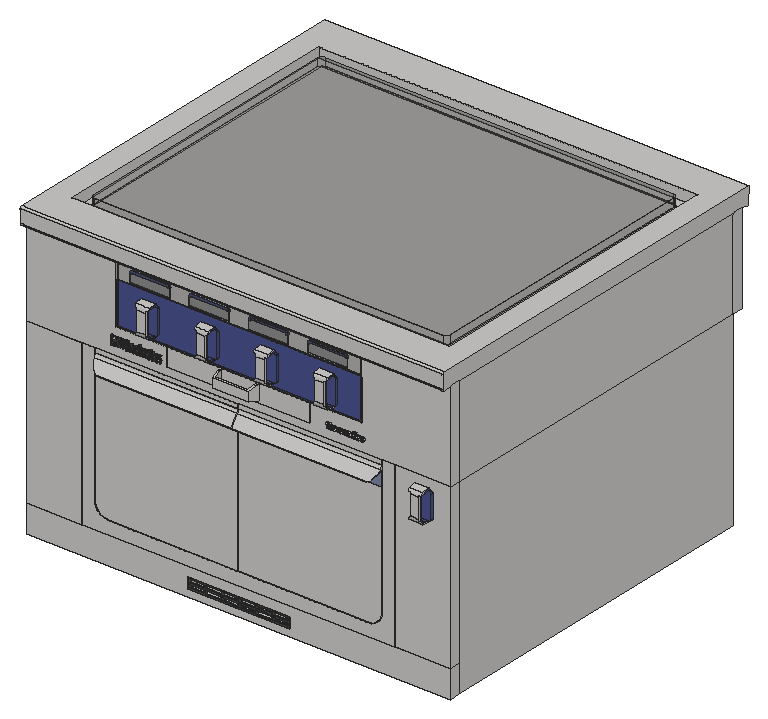
Revit family "QF_ELECTROLUXPROFESSIONAL_589698_MCLQEAJ4AO", category Attrezzature speciali, Revit 2020
Family settings
  Quota connettore circolare = Usa diametro
  Tipo di parte = Normale
  Basato su piano di lavoro = No
  Sempre verticale = Sì
  Taglio con vuoti quando caricato = No
  Condiviso = No
  Punto di calcolo locali = No
Parameters (values of type "Standard")
  Weight = 193.00 kg
  Watts = 18300 W
  Volts = 400 V
  URL Manufacturer = "https://www.electroluxprofessional.com/"
  URL = "https://www.electroluxprofessional.com/"
  Steam Supply Size = 0"
  Steam Supply Minimum Pressure = 0.00 psi
  Steam Supply Maximum Pressure = 0.00 psi
  Steam Consumption per Hour = 0
  Refrigeration Suction Line Size = 0 mm
  Refrigeration Liquid Line Size = 0 mm
  Refrigerant Compressor Remote = yes
  Prospetto di default = 0 mm
  Phase = 3
  Modello = "MCLQEAJ4AO"
  Produttore = "Electrolux Professional"
  Length Actual = 1000 mm  # constant formula
  Item Number = "589698"
  Hot Water Size = 0"
  Height Actual = 700 mm  # constant formula
  HP = "24.5 HP"
  Gas Size = 0"
  Gas KW = 0
  Gas Input Pressure = 0.0 Btu/h
  Direct Waste Size = 0"
  Descrizione = "EL.SOLID T,ECO,WARM.CAB.1S,1000X900X700H"
  Depth Actual = 900 mm  # constant formula
  Cycle = 50 Hz
  Condensate Return Size = 0"
  Compressed Air Volume = 0 GPM
  Compressed Air Size = 0"
  Compressed Air Pressure = 0.00 psi
  Cold Water Size = 0"
  Accessory = yes
Reference planes
  plane 1 "BACK": y = 0
  plane 2: z = 0
  plane 3 "LEFT": x = -100
  plane 4 "RIGHT": x = 900
  plane 5 "FRONT": y = -900
  plane 6 "TOP": z = 900
  plane 7 "Center (Left/Right)": x = 400
  plane 8: y = -450
  plane 9: z = 200
  plane 10: y = -150
  plane 11 "Panel": y = -855
  plane 12: z = 798
  plane 13: z = 1327
  plane 14: x = -22
  plane 15: x = 822
  plane 16: y = -150
  plane 17: y = -650
  plane 18 "EIx": x = 855
  plane 19 "EIy": y = -685
  plane 20: y = -880
Forms (mm)
  Extrusion 1, solid, material "QF_Finishes_Stainless Steel"
    sketch origin (-178.969, -4572, 200) x (-1, 0, 0) y (0, -1, 0)
      loop
        line (-78.969, -4527) -> (-78.969, -3717) -> (-1078.969, -3717) -> (-1078.969, -4527) -> (-78.969, -4527)
    from 450 to 663
  Extrusion 2, solid, material "QF_Finishes_Stainless Steel"
    sketch origin (-100, 0, 0) x (0, 1, 0) y (0, 0, 1)
      loop
        line (-855, 200) -> (-855, 265) -> (-880, 265) -> (-880, 200) -> (-855, 200)
    from 0 to 1000
  Extrusion 3, solid, material "QF_Finishes_Stainless Steel"
    sketch origin (-488.969, -4662, 200) x (-1, 0, 0) y (0, -1, 0)
      loop
        circle (-1343.969, -3977) r 6.35
    from 0 to -11.851
  Extrusion 4, solid, material "QF_Finishes_Stainless Steel"
    sketch origin (400, 296.4, 1219.2) x (0, 1, 0) y (0, 0, 1)
      loop
        line (-296.4, -319.2) -> (-1191.4, -319.2)
        arc (-1191.4, -319.2) -> (-1194.935, -320.664) -> (-1196.4, -324.2) r 5
        line (-1196.4, -324.2) -> (-1196.4, -355.2)
        arc (-1196.4, -355.2) -> (-1194.971, -358.264) -> (-1191.705, -359.139) r 4
        line (-1191.705, -359.139) -> (-1176.4, -356.231) -> (-316.4, -356.231) -> (-301.094, -359.139)
        arc (-301.094, -359.139) -> (-297.829, -358.264) -> (-296.4, -355.2) r 4
        line (-296.4, -355.2) -> (-296.4, -319.2)
    from -500 to 500
  Extrusion 5, solid, material "QF_Finishes_Electrolux_Black Smoke Iluminated"
    sketch origin (0, 0, 900) x (-1, 0, 0) y (0, -1, 0)
      loop
        arc (12, 109) -> (19.071, 111.929) -> (22, 119) r 10
        line (22, 119) -> (22, 780)
        arc (22, 780) -> (19.071, 787.071) -> (12, 790) r 10
        line (12, 790) -> (-812, 790)
        arc (-812, 790) -> (-819.071, 787.071) -> (-822, 780) r 10
        line (-822, 780) -> (-822, 119)
        arc (-822, 119) -> (-819.071, 111.929) -> (-812, 109) r 10
        line (-812, 109) -> (12, 109)
    from 0 to -20
  Extrusion 6, solid, material "QF_Finishes_Stainless Steel"
    sketch origin (-178.969, -4572, 200) x (-1, 0, 0) y (0, -1, 0)
      loop
        line (-78.969, -4527) -> (-78.969, -3717) -> (-1078.969, -3717) -> (-1078.969, -4527) -> (-78.969, -4527)
    from 450 to 0
  Extrusion 7, void
    sketch origin (0, -855, 0) x (-1, 0, 0) y (0, 0, 1)
      loop
        line (-520, 216.594) -> (-280, 216.594) -> (-280, 241.594) -> (-520, 241.594) -> (-520, 216.594)
    from 0 to -25
  Extrusion 8, solid, material "QF_Finishes_Black"
    sketch origin (0, -855, 0) x (-1, 0, 0) y (0, 0, 1)
      loop
        line (-280, 241.594) -> (-520, 241.594) -> (-520, 216.594) -> (-280, 216.594) -> (-280, 241.594)
      loop
        line (-282, 239.594) -> (-319.131, 239.594) -> (-319.131, 230.094) -> (-282, 230.094) -> (-282, 239.594)
      loop
        line (-282, 218.594) -> (-282, 228.094) -> (-319.131, 228.094) -> (-319.131, 218.594) -> (-282, 218.594)
      loop
        line (-321.131, 239.594) -> (-359.066, 239.594) -> (-359.066, 230.094) -> (-321.131, 230.094) -> (-321.131, 239.594)
      loop
        line (-399, 239.594) -> (-399, 230.094) -> (-361.066, 230.094) -> (-361.066, 239.594) -> (-399, 239.594)
      loop
        line (-401, 239.594) -> (-438.934, 239.594) -> (-438.934, 230.094) -> (-401, 230.094) -> (-401, 239.594)
      loop
        line (-359.066, 218.594) -> (-321.131, 218.594) -> (-321.131, 228.094) -> (-359.066, 228.094) -> (-359.066, 218.594)
      loop
        line (-361.066, 218.594) -> (-361.066, 228.094) -> (-399, 228.094) -> (-399, 218.594) -> (-361.066, 218.594)
      loop
        line (-401, 228.094) -> (-438.934, 228.094) -> (-438.934, 218.594) -> (-401, 218.594) -> (-401, 228.094)
      loop
        line (-518, 239.594) -> (-518, 230.094) -> (-480.869, 230.094) -> (-480.869, 239.594) -> (-518, 239.594)
      loop
        line (-518, 218.594) -> (-480.869, 218.594) -> (-480.869, 228.094) -> (-518, 228.094) -> (-518, 218.594)
      loop
        line (-478.869, 239.594) -> (-478.869, 230.094) -> (-440.934, 230.094) -> (-440.934, 239.594) -> (-478.869, 239.594)
      loop
        line (-440.934, 218.594) -> (-440.934, 228.094) -> (-478.869, 228.094) -> (-478.869, 218.594) -> (-440.934, 218.594)
    from -25.03 to -20
  Extrusion 9, void
    sketch origin (0, 0, 900) x (-1, 0, 0) y (0, -1, 0)
      loop
        line (47, 815) -> (-847, 815) -> (-847, 84) -> (47, 84) -> (47, 815)
    from 0 to -25
  Extrusion 10, solid, material "QF_Finishes_Stainless Steel"
    sketch origin (0, 0, 900) x (-1, 0, 0) y (0, -1, 0)
      loop
        line (18, 113) -> (18, 786) -> (-818, 786) -> (-818, 113) -> (18, 113)
    from -20 to -25
  Extrusion 11, solid, material "QF_Finishes_Stainless Steel"
    sketch origin (400, 296.4, 1219.169) x (0, 1, 0) y (0, 0, 1)
      loop
        line (-341.4, -356.2) -> (-341.4, -569.2) -> (-316.4, -569.2) -> (-316.4, -356.2) -> (-341.4, -356.2)
    from -500 to 500
  Extrusion 12, solid, material "QF_Finishes_Stainless Steel"
    sketch origin (0, -900, 0) x (1, 0, 0) y (0, 0, 1)
      loop
        line (-100, 649.969) -> (-100, 265) -> (30, 265) -> (30, 649.969) -> (-100, 649.969)
      loop
        line (900, 650) -> (770, 650) -> (770, 265) -> (900, 265) -> (900, 650)
    from -45 to -20
  Extrusion 13, solid, material "QF_Finishes_Stainless Steel"
    sketch origin (0, -900, 0) x (1, 0, 0) y (0, 0, 1)
      loop
        line (32, 265) -> (768, 265) -> (768, 650) -> (740, 650) -> (740, 327)
        arc (740, 327) -> (730.627, 304.373) -> (708, 295) r 32
        line (708, 295) -> (92, 295)
        arc (92, 295) -> (69.373, 304.373) -> (60, 327) r 32
        line (60, 327) -> (60, 649.969) -> (32, 649.969) -> (32, 265)
    from -45 to -20
Cuts and joins
  Extrusion 7 cuts Extrusion 6
  Extrusion 7 cuts Extrusion 2
  Extrusion 9 cuts Extrusion 4
Lines and regions (mm)
  symbolic lines
    curve 1: line (-100, 0, 200) -> (900, 0, 200)
    curve 2: line (-100, -900, 200) -> (-100, 0, 200)
    curve 3: line (900, -900, 200) -> (-100, -900, 200)
    curve 4: line (900, 0, 200) -> (900, -900, 200)
    curve 5: line (812, -109, 200) -> (-12, -109, 200)
    curve 6: line (-22, -119, 200) -> (-22, -780, 200)
    curve 7: line (-12, -790, 200) -> (812, -790, 200)
    curve 8: line (822, -780, 200) -> (822, -119, 200)
    curve 9: arc (-12, -109, 200) -> (-19.071, -111.929, 200) -> (-22, -119, 200) r 10
    curve 10: arc (822, -119, 200) -> (819.071, -111.929, 200) -> (812, -109, 200) r 10
    curve 11: arc (812, -790, 200) -> (819.071, -787.071, 200) -> (822, -780, 200) r 10
    curve 12: arc (-22, -780, 200) -> (-19.071, -787.071, 200) -> (-12, -790, 200) r 10
    curve 13: line (847, -84, 900) -> (-47, -84, 900)
    curve 14: line (-47, -84, 900) -> (-47, -815, 900)
    curve 15: line (847, -815, 900) -> (847, -84, 900)
    curve 16: line (-47, -815, 900) -> (847, -815, 900)
  model lines, style "SpecialityEquipment"
    curve 17: arc (634, -211, 900) -> (580.967, -339.033, 900) -> (709, -286, 900) r 75
    curve 18: line (689, -286, 900) -> (729, -286, 900)
    curve 19: line (729, -286, 900) -> (709, -266, 900)
    curve 20: line (689, -286, 900) -> (709, -266, 900)
    curve 21: arc (166, -211, 900) -> (112.967, -339.033, 900) -> (241, -286, 900) r 75
    curve 22: line (221, -286, 900) -> (261, -286, 900)
    curve 23: line (261, -286, 900) -> (241, -266, 900)
    curve 24: line (221, -286, 900) -> (241, -266, 900)
    curve 25: arc (634, -539, 900) -> (580.967, -667.033, 900) -> (709, -614, 900) r 75
    curve 26: line (689, -614, 900) -> (729, -614, 900)
    curve 27: line (729, -614, 900) -> (709, -594, 900)
    curve 28: line (689, -614, 900) -> (709, -594, 900)
    curve 29: arc (166, -539, 900) -> (112.967, -667.033, 900) -> (241, -614, 900) r 75
    curve 30: line (221, -614, 900) -> (261, -614, 900)
    curve 31: line (261, -614, 900) -> (241, -594, 900)
    curve 32: line (221, -614, 900) -> (241, -594, 900)
Dimensions and locks
  plane 3 "LEFT" to plane 4 "RIGHT" = 1000 mm
  plane 5 "FRONT" to plane 1 "BACK" = 900 mm
  plane 3 "LEFT" to plane 7 "Center (Left/Right)" to plane 4 "RIGHT" = 500 mm, 500 mm
  equal spacing: plane 5 "FRONT", plane 8, plane 1 "BACK"
  plane 6 "TOP" to level = 900 mm  (x2)
  plane 9 to level = 200 mm
  plane 1 "BACK" to plane 10 to plane 11 "Panel" = 150 mm, 705 mm  (x2)
  plane 6 "TOP" to plane 9 to level = 700 mm, 200 mm
  plane 1 "BACK" to plane 5 "FRONT" = 900 mm
  plane 1 "BACK" to Extrusion 3 = 685 mm
  plane 12 to plane 9 = 598 mm
  plane 13 to plane 6 "TOP" = 427 mm
  plane 6 "TOP" to plane 12 = 102 mm
  plane 14 to plane 3 "LEFT" = 78 mm
  plane 15 to plane 4 "RIGHT" = 78 mm
  locked: plane 1 "BACK" to plane 16 at 150
  locked: plane 16 to plane 17 at 500
  plane 11 "Panel" to plane 5 "FRONT" = 45 mm
  plane 18 "EIx" to plane 4 "RIGHT" = 45 mm
  plane 19 "EIy" to plane 1 "BACK" = 685 mm
  locked: plane 11 "Panel" to plane 20 at 25
  aligned and locked: level to plane 2
  aligned and locked: Extrusion 2 to plane 4 "RIGHT"
  aligned and locked: cut or joined group of Extrusion 4, Extrusion 9 to plane 3 "LEFT"
  aligned and locked: cut or joined group of Extrusion 4, Extrusion 9 to plane 4 "RIGHT"
  aligned and locked: cut or joined group of Extrusion 6, Extrusion 7 to plane 4 "RIGHT"
  aligned and locked: cut or joined group of Extrusion 6, Extrusion 7 to plane 3 "LEFT"
  aligned and locked: nested 2 to plane 11 "Panel"
  aligned and locked: Extrusion 1 to plane 11 "Panel"
  aligned and locked: plane 11 "Panel" to cut or joined group of Extrusion 2, Extrusion 7
  aligned and locked: nested 1 to plane 20
  aligned and locked: Extrusion 11 to plane 4 "RIGHT"
  aligned and locked: Extrusion 1 to plane 3 "LEFT"
  aligned and locked: Extrusion 11 to plane 3 "LEFT"
  aligned and locked: Extrusion 1 to plane 4 "RIGHT"
  aligned and locked: plane 7 "Center (Left/Right)" to nested 3
  aligned and locked: cut or joined group of Extrusion 6, Extrusion 7 to nested 3
  aligned and locked: Extrusion 12 to nested 2
  aligned and locked: plane 20 to Extrusion 12
  aligned and locked: plane 11 "Panel" to Extrusion 13
  aligned and locked: plane 20 to Extrusion 13
Automatic sketch dimensions
  Extrusion 1 sketch curve to plane 4 "RIGHT" = 0 mm
  Extrusion 1 sketch curve to plane 3 "LEFT" = 0 mm
  Extrusion 1 sketch curve to plane 11 "Panel" = 0 mm
  plane 1 "BACK" to Extrusion 1 sketch curve = 45 mm
  Extrusion 2 sketch curve to plane 9 = 0 mm
  Extrusion 2 sketch curve to plane 20 = 0 mm
  Extrusion 2 sketch curve to plane 11 "Panel" = 0 mm
  plane 9 to Extrusion 2 sketch curve = 65 mm
  plane 1 "BACK" to curve 1 = 0 mm
  curve 1 to plane 4 "RIGHT" = 0 mm
  curve 8 to plane 15 = 0 mm
  curve 6 to plane 14 = 0 mm
  curve 2 to plane 3 "LEFT" = 0 mm
  plane 5 "FRONT" to curve 3 = 0 mm
  plane 15 to curve 5 = 10 mm
  plane 15 to curve 11 = 10 mm
  curve 5 to plane 14 = 10 mm
  curve 12 to curve 12 = 10 mm
  plane 10 to curve 5 = 41 mm
  plane 11 "Panel" to curve 11 = 75 mm
  Extrusion 3 sketch curve to plane 18 "EIx" = 0 mm
  Extrusion 3 sketch curve to plane 19 "EIy" = 0 mm
  Extrusion 4 sketch curve to plane 5 "FRONT" = 0 mm
  Extrusion 4 sketch curve to plane 6 "TOP" = 0 mm
  Extrusion 4 sketch curve to plane 20 = 0 mm
  Extrusion 4 sketch curve to plane 1 "BACK" = 0 mm
  Extrusion 4 sketch curve to Extrusion 4 sketch curve = 4 mm
  Extrusion 4 sketch curve to Extrusion 4 sketch curve = 0.695 mm
  Extrusion 4 sketch curve to plane 5 "FRONT" = 5 mm
  plane 1 "BACK" to Extrusion 4 sketch curve = 20 mm
  plane 1 "BACK" to Extrusion 4 sketch curve = 4.695 mm
  plane 1 "BACK" to Extrusion 4 sketch curve = 4 mm
  Extrusion 4 sketch curve to Extrusion 4 sketch curve = 31 mm
  Extrusion 4 sketch curve to Extrusion 4 sketch curve = 36 mm
  Extrusion 4 sketch curve to Extrusion 4 sketch curve = 2.909 mm
  Extrusion 5 sketch curve to plane 15 = 0 mm
  Extrusion 5 sketch curve to plane 14 = 0 mm
  plane 15 to Extrusion 5 sketch curve = 10 mm  (x2)
  Extrusion 5 sketch curve to Extrusion 5 sketch curve = 10 mm  (x2)
  plane 10 to Extrusion 5 sketch curve = 41 mm
  plane 11 "Panel" to Extrusion 5 sketch curve = 75 mm
  Extrusion 6 sketch curve to plane 4 "RIGHT" = 0 mm
  Extrusion 6 sketch curve to plane 3 "LEFT" = 0 mm
  Extrusion 6 sketch curve to plane 11 "Panel" = 0 mm
  plane 1 "BACK" to Extrusion 6 sketch curve = 45 mm
  plane 9 to Extrusion 7 sketch curve = 41.594 mm
  plane 7 "Center (Left/Right)" to Extrusion 7 sketch curve = 120 mm
  Extrusion 7 sketch curve to plane 7 "Center (Left/Right)" = 120 mm
  plane 9 to Extrusion 7 sketch curve = 16.594 mm
  plane 9 to Extrusion 8 sketch curve = 41.594 mm
  plane 7 "Center (Left/Right)" to Extrusion 8 sketch curve = 120 mm
  Extrusion 8 sketch curve to Extrusion 8 sketch curve = 2 mm  (x15)
  Extrusion 8 sketch curve to Extrusion 8 sketch curve = 0 mm  (x16)
  Extrusion 8 sketch curve to Extrusion 8 sketch curve = 37.131 mm  (x2)
  Extrusion 8 sketch curve to Extrusion 8 sketch curve = 37.934 mm  (x3)
  plane 7 "Center (Left/Right)" to Extrusion 8 sketch curve = 1 mm  (x2)
  Extrusion 8 sketch curve to plane 7 "Center (Left/Right)" = 1 mm  (x2)
  plane 9 to Extrusion 8 sketch curve = 18.594 mm  (x4)
  Extrusion 8 sketch curve to Extrusion 8 sketch curve = 9.5 mm  (x6)
  plane 18 "EIx" to Extrusion 9 sketch curve = 8 mm
  plane 14 to Extrusion 9 sketch curve = 25 mm
  plane 10 to Extrusion 9 sketch curve = 66 mm
  plane 11 "Panel" to Extrusion 9 sketch curve = 40 mm
  plane 15 to Extrusion 10 sketch curve = 4 mm
  Extrusion 10 sketch curve to plane 14 = 4 mm
  plane 10 to Extrusion 10 sketch curve = 37 mm
  plane 11 "Panel" to Extrusion 10 sketch curve = 69 mm
  plane 18 "EIx" to curve 16 = 8 mm
  plane 15 to curve 19 = 93 mm
  curve 27 to plane 17 = 36 mm
  plane 15 to curve 27 = 93 mm
  curve 26 to curve 27 = 20 mm
  curve 18 to curve 20 = 20 mm
  curve 19 to curve 20 = 20 mm
  curve 28 to curve 26 = 20 mm
  curve 18 to curve 17 = 55 mm
  curve 26 to curve 25 = 55 mm
  curve 31 to plane 17 = 36 mm
  curve 31 to plane 7 "Center (Left/Right)" = 139 mm
  curve 23 to plane 7 "Center (Left/Right)" = 139 mm
  curve 22 to curve 24 = 20 mm
  curve 30 to curve 31 = 20 mm
  curve 32 to curve 32 = 20 mm
  curve 23 to curve 24 = 20 mm
  curve 22 to curve 21 = 55 mm
  curve 30 to curve 29 = 55 mm
  plane 14 to curve 14 = 25 mm
  curve 22 to plane 10 = 136 mm
  curve 18 to plane 10 = 136 mm
  plane 10 to curve 13 = 66 mm
  plane 11 "Panel" to curve 15 = 40 mm
  curve 25 to curve 26 = 20 mm
  curve 17 to curve 18 = 20 mm
  curve 29 to curve 30 = 20 mm
  curve 21 to curve 22 = 20 mm
  plane 1 "BACK" to Extrusion 11 sketch curve = 45 mm
  plane 1 "BACK" to Extrusion 11 sketch curve = 20 mm
  Extrusion 11 sketch curve to plane 12 = 148.031 mm
  Extrusion 11 sketch curve to plane 6 "TOP" = 37.031 mm
  Extrusion 12 sketch curve to plane 3 "LEFT" = 0 mm
  plane 4 "RIGHT" to Extrusion 12 sketch curve = 0 mm
  Extrusion 12 sketch curve to plane 14 = 52 mm
  plane 15 to Extrusion 12 sketch curve = 52 mm
  plane 9 to Extrusion 12 sketch curve = 65 mm  (x2)
  Extrusion 12 sketch curve to plane 12 = 148.031 mm
  Extrusion 12 sketch curve to plane 12 = 148 mm
  Extrusion 13 sketch curve to plane 14 = 54 mm
  Extrusion 13 sketch curve to Extrusion 13 sketch curve = 28 mm
  Extrusion 13 sketch curve to Extrusion 13 sketch curve = 32 mm  (x2)
  plane 15 to Extrusion 13 sketch curve = 114 mm
  plane 15 to Extrusion 13 sketch curve = 54 mm
  plane 9 to Extrusion 13 sketch curve = 65 mm
  Extrusion 13 sketch curve to Extrusion 13 sketch curve = 30 mm
  Extrusion 13 sketch curve to plane 12 = 148.031 mm
  Extrusion 13 sketch curve to plane 12 = 148 mm
  radius of Extrusion 3 sketch curve = 6.35 mm
Nested families
  nested 1: "FIT Range Control Handle" at (835, -883.137, -372.751), type "FIT Range Control Handle"
  nested 2: "Front_Panel_W1000_Four Knobs" at (102.376, -855, 0), type "Front_Panel_W1000_Four Knobs"
  nested 3: "H450H2W1000_2DOOR" at (363.958, -855, 200) x (1, 0, 0) z (0, -1, 0), type "H450H2W1000_2DOOR"
    with Width 680 mm, Wdoor 340 mm, Show Clearance yes
  nested 4: "Warm" at (900, -900, 0), type "Warm"
Connectors
  electrical at (855, -685, 188.149)
    settings: on Extrusion 3, index 1, voltage 400 V, apparent load 33000 VA, apparent load phase1 0 VA, apparent load phase2 0 VA, apparent load phase3 0 VA, power factor 1, load classification "Other", number of poles 1, system type 30, power factor state 1, is connector primary yes, connector utility no, sub classification motor no, connector description "ELECTRICAL CONNECTION"
Definition of nested family "FIT Range Control Handle"
  Parameters
    Default Elevation = 0 mm
  Reference planes
    plane 1 "Center (Front/Back)": y = 0
    plane 2: z = 0
    plane 3 "Center (Left/Right)": x = 0
    plane 4: z = 971.092
    plane 5: y = -16.8
  Forms (mm)
    Extrusion 1, solid
      sketch origin (-746.28, 380.497, 208.931) x (-1, 0, 0) y (0, 0, 1)
        loop
          line (-770.101, 786.798) -> (-770.101, 731.649)
          arc (-770.101, 731.649) -> (-769.759, 730.563) -> (-768.855, 729.87) r 1.893
          line (-768.855, 729.87) -> (-763.474, 727.911) -> (-729.81, 727.911) -> (-724.428, 729.87)
          arc (-724.428, 729.87) -> (-723.525, 730.563) -> (-723.183, 731.649) r 1.893
          line (-723.183, 731.649) -> (-723.183, 786.798)
          arc (-723.183, 786.798) -> (-723.529, 787.894) -> (-724.44, 788.593) r 1.91
          line (-724.44, 788.593) -> (-729.683, 790.819) -> (-763.601, 790.819) -> (-768.844, 788.593)
          arc (-768.844, 788.593) -> (-769.755, 787.894) -> (-770.101, 786.798) r 1.91
      from -382.35 to -378.852
    Sweep 2, solid
      path origin (-746.788, 380.496, 208.091) x (0, -1, 0) y (0, 0, 1)
        loop
          line (379.775, 793.281) -> (395.661, 791.048)
          arc (395.661, 791.048) -> (397.781, 787.377) -> (398.517, 783.202) r 12.207
          line (398.517, 783.202) -> (398.517, 737.368)
          arc (398.517, 737.368) -> (397.781, 733.193) -> (395.661, 729.522) r 12.207
          line (395.661, 729.522) -> (379.775, 727.289)
      profile origin (-746.788, -7.222, 1000.256) x (0, -0.139173, 0.990268) y (-1, 0, 0)
        loop
          line (0.782, -763.123) -> (0.782, -730.907) -> (-1.322, -730.907) -> (-1.322, -763.123) -> (0.782, -763.123)
    Sweep 3, solid
      path origin (-746.788, 380.715, 207.832) x (0, -1, 0) y (0, 0, 1)
        loop
          line (380.478, 795.442) -> (397.218, 793.09)
          arc (397.218, 793.09) -> (399.929, 788.473) -> (400.871, 783.202) r 15.207
          line (400.871, 783.202) -> (400.871, 737.584)
          arc (400.871, 737.584) -> (399.914, 732.274) -> (397.164, 727.633) r 15.207
          line (397.164, 727.633) -> (380.601, 725.305)
      profile origin (-746.788, -8.132, 1002.099) x (0, -0.139173, 0.990268) y (-1, 0, 0)
        loop
          line (0.782, -763.123) -> (0.782, -730.907) -> (-1.322, -730.907) -> (-1.322, -763.123) -> (0.782, -763.123)
    Extrusion 4, void
      sketch origin (889.253, 220.666, 207.993) x (1, 0, 0) y (0, 0, 1)
        loop
          line (-943.038, 816.854) -> (-943.038, 703.686) -> (-899.466, 734.196) -> (-899.466, 786.344) -> (-943.038, 816.854)
      from 230.636 to 242.25
    Extrusion 5, void
      sketch origin (-888.8, 220.666, 207.993) x (-1, 0, 0) y (0, 0, -1)
        loop
          line (-943.038, -816.854) -> (-899.466, -786.344) -> (-899.466, -734.196) -> (-943.038, -703.686) -> (-943.038, -816.854)
      from 230.636 to 242.25
    Extrusion 6, solid
      sketch origin (0, 0, 0) x (1, 0, 0) y (0, 0, 1)
        loop
          circle (0, 971.092) r 7.736
      from -3.137 to -1.645
  Cuts and joins
    Extrusion 4, Extrusion 5 cuts Sweep 3
    Extrusion 4, Extrusion 5 cuts Sweep 2
    joined: Extrusion 1, Extrusion 6
  Lines and regions (mm)
    symbolic lines
      curve 1: line (-15.881, -19.189, 0) -> (-15.881, -16.8, 0)
      curve 2: line (16.334, -19.189, 0) -> (16.334, -16.8, 0)
      curve 3: spline (-15.881, -19.189, 0) -> (-15.417, -19.349, 0) -> (-14.951, -19.501, 0) -> (-14.483, -19.646, 0) -> (-14.014, -19.783, 0) -> (-13.543, -19.912, 0) -> (-13.071, -20.033, 0) -> (-12.597, -20.146, 0) -> (-12.122, -20.251, 0) -> (-11.646, -20.349, 0) -> (-11.169, -20.438, 0) -> (-10.691, -20.52, 0) -> (-10.213, -20.593, 0)
      curve 4: spline (10.666, -20.593, 0) -> (11.144, -20.52, 0) -> (11.622, -20.438, 0) -> (12.099, -20.349, 0) -> (12.575, -20.251, 0) -> (13.05, -20.146, 0) -> (13.524, -20.033, 0) -> (13.996, -19.912, 0) -> (14.467, -19.783, 0) -> (14.936, -19.646, 0) -> (15.404, -19.501, 0) -> (15.87, -19.349, 0) -> (16.334, -19.189, 0)
      curve 5: line (-10.213, -20.938, 0) -> (10.716, -20.938, 0)
  Dimensions and locks
    cut or joined group of Sweep 3, Extrusion 4, Extrusion 5 to cut or joined group of Sweep 3, Extrusion 4, Extrusion 5 = 71.686 mm
Definition of nested family "Front_Panel_W1000_Four Knobs"
  Parameters
    Default Elevation = 0 mm
  Reference planes
    plane 1 "Center (Front/Back)": y = 0
    plane 2: z = 0
    plane 3 "Center (Left/Right)": x = 297.624
    plane 4 "Left": x = -202.376
    plane 5 "Right": x = 797.624
    plane 6: y = -45
    plane 7: x = 87.624
    plane 8: x = 227.624
    plane 9: y = -310
    plane 10: y = -25
    plane 11: x = -2.376
    plane 12: x = 367.624
    plane 13: x = 507.624
    plane 14: x = 594.715
  Forms (mm)
    Extrusion 1, solid
      sketch origin (833.217, 829.203, -1.25) x (0, 1, 0) y (0, 0, 1)
        loop
          line (-854.203, 651.25) -> (-829.203, 651.25) -> (-829.203, 864.25) -> (-854.203, 864.25) -> (-854.203, 651.25)
      from -1035.593 to -35.593
    Extrusion 2, void
      sketch origin (0, 0, 0) x (1, 0, 0) y (0, 0, 1)
        loop
          line (7.624, 853.866) -> (7.624, 711.866) -> (587.624, 711.866) -> (587.624, 853.866) -> (7.624, 853.866)
      from 19.387 to 33.951
    Extrusion 3, void
      sketch origin (0, 0, 0) x (1, 0, 0) y (0, 0, 1)
        loop
          line (128.624, 711.866) -> (128.624, 668.866) -> (466.624, 668.866) -> (466.624, 711.866) -> (128.624, 711.866)
      from 19.387 to 25
    Extrusion 4, solid
      sketch origin (150, 0, 1) x (1, 0, 0) y (0, 0, 1)
        loop
          line (-21.376, 710.866) -> (-21.376, 667.866) -> (316.624, 667.866) -> (316.624, 710.866) -> (-21.376, 710.866)
      from 19.387 to 25
    Extrusion 5, solid
      sketch origin (150, 0, 1) x (1, 0, 0) y (0, 1, 0)
        loop
          line (106.059, -25) -> (100.966, -25) -> (105.646, -49.075) -> (189.603, -49.075) -> (194.283, -25) -> (189.189, -25) -> (185.481, -44.075) -> (109.767, -44.075) -> (106.059, -25)
      from 672.593 to 705.67
    Extrusion 6, void
      sketch origin (297.624, 0, 1) x (0, 1, 0) y (0, 0, 1)
        loop
          line (-30, 705.67) -> (-30, 710.67) -> (-56.744, 710.67) -> (-56.744, 667.593) -> (-30, 667.593) -> (-30, 672.593) -> (-53.776, 680.318) -> (-53.776, 697.945) -> (-30, 705.67)
      from -50 to 50
    Extrusion 7, solid, detail levels coarse
      sketch origin (150, -265, 1) x (1, 0, 0) y (0, 1, 0)
        loop
          line (106.164, -71.744) -> (189.084, -71.744) -> (194.283, -45) -> (316.624, -45) -> (316.624, 240) -> (-21.376, 240) -> (-21.376, -45) -> (100.966, -45) -> (106.164, -71.744)
      from 672.593 to 705.67
    Extrusion 8, void
      sketch origin (297.624, -280, 1) x (0, 1, 0) y (0, 0, 1)
        loop
          line (-30, 705.67) -> (-30, 710.67) -> (-56.744, 710.67) -> (-56.744, 667.593) -> (-30, 667.593) -> (-30, 672.593) -> (-53.776, 680.318) -> (-53.776, 697.945) -> (-30, 705.67)
      from -50 to 50
  Cuts and joins
    Extrusion 2, Extrusion 3 cuts Extrusion 1
    Extrusion 6 cuts Extrusion 5
    Extrusion 6, Extrusion 8 cuts Extrusion 7
  Lines and regions (mm)
    symbolic lines
      curve 1: line (128.624, -45, 0) -> (128.624, -310, 0)
      curve 2: line (128.624, -310, 0) -> (466.624, -310, 0)
      curve 3: line (466.624, -310, 0) -> (466.624, -45, 0)
      curve 4: line (128.624, -300, 0) -> (466.624, -300, 0)
      curve 5: line (250.908, -309.701, 0) -> (255.587, -333.776, 0)
      curve 6: line (255.587, -333.776, 0) -> (339.545, -333.776, 0)
      curve 7: line (339.545, -333.776, 0) -> (344.225, -309.701, 0)
      curve 8: line (256.001, -309.701, 0) -> (259.709, -328.776, 0)
      curve 9: line (259.709, -328.776, 0) -> (335.423, -328.776, 0)
      curve 10: line (335.423, -328.776, 0) -> (339.131, -309.701, 0)
  Dimensions and locks
    equal spacing: plane 5 "Right", plane 3 "Center (Left/Right)", plane 4 "Left"
    plane 5 "Right" to plane 4 "Left" = 1000 mm
    plane 3 "Center (Left/Right)" to plane 7 = 210 mm
    plane 3 "Center (Left/Right)" to plane 8 = 70 mm
    plane 6 to plane 9 = 265 mm
    plane 13 to plane 3 "Center (Left/Right)" = 210 mm
    plane 12 to plane 3 "Center (Left/Right)" = 70 mm
    aligned and locked: cut or joined group of Extrusion 1, Extrusion 2, Extrusion 3 to plane 4 "Left"
    aligned and locked: plane 5 "Right" to cut or joined group of Extrusion 1, Extrusion 2, Extrusion 3
    aligned and locked: plane 3 "Center (Left/Right)" to nested 2
    aligned and locked: cut or joined group of Extrusion 1, Extrusion 2, Extrusion 3 to nested 2
  Automatic sketch dimensions
    plane 7 to Extrusion 3 sketch curve = 41 mm
    plane 3 "Center (Left/Right)" to Extrusion 3 sketch curve = 169 mm
    level to Extrusion 3 sketch curve = 668.866 mm
    Extrusion 3 sketch curve to Extrusion 3 sketch curve = 43 mm
    Extrusion 1 sketch curve to plane 1 "Center (Front/Back)" = 0 mm
    level to Extrusion 1 sketch curve = 650 mm
    plane 4 "Left" to Extrusion 2 sketch curve = 210 mm
    Extrusion 2 sketch curve to plane 5 "Right" = 210 mm
    level to Extrusion 2 sketch curve = 711.866 mm
    Extrusion 2 sketch curve to Extrusion 2 sketch curve = 142 mm
    plane 6 to curve 1 = 0 mm
    plane 6 to curve 3 = 0 mm
    plane 9 to curve 1 = 0 mm
    plane 7 to curve 1 = 41 mm
    curve 1 to curve 4 = 10 mm
    Extrusion 1 sketch curve to plane 6 = 20 mm
    Extrusion 1 sketch curve to Extrusion 1 sketch curve = 213 mm
    plane 7 to Extrusion 4 sketch curve = 41 mm
    Extrusion 4 sketch curve to plane 13 = 41 mm
    level to Extrusion 4 sketch curve = 668.866 mm
    Extrusion 4 sketch curve to Extrusion 4 sketch curve = 43 mm
    plane 10 to Extrusion 5 sketch curve = 0 mm  (x2)
    plane 8 to Extrusion 5 sketch curve = 23.342 mm
    plane 6 to Extrusion 5 sketch curve = 4.075 mm
    Extrusion 5 sketch curve to Extrusion 5 sketch curve = 4.68 mm
    Extrusion 5 sketch curve to Extrusion 5 sketch curve = 5.094 mm  (x2)
    Extrusion 5 sketch curve to plane 6 = 0.925 mm
    Extrusion 5 sketch curve to Extrusion 5 sketch curve = 4.122 mm  (x2)
    Extrusion 5 sketch curve to plane 12 = 32.143 mm
    Extrusion 5 sketch curve to Extrusion 5 sketch curve = 3.708 mm
    plane 6 to Extrusion 6 sketch curve = 11.744 mm
    plane 6 to Extrusion 6 sketch curve = 8.776 mm
    plane 10 to Extrusion 6 sketch curve = 5 mm  (x2)
    level to Extrusion 6 sketch curve = 668.593 mm
    Extrusion 6 sketch curve to Extrusion 6 sketch curve = 5 mm
    Extrusion 6 sketch curve to Extrusion 6 sketch curve = 12.725 mm  (x2)
    Extrusion 6 sketch curve to Extrusion 6 sketch curve = 17.627 mm
    Extrusion 6 sketch curve to Extrusion 6 sketch curve = 7.725 mm
    plane 10 to Extrusion 7 sketch curve = 0 mm
    Extrusion 7 sketch curve to plane 9 = 0 mm  (x2)
    plane 7 to Extrusion 7 sketch curve = 41 mm
    plane 8 to Extrusion 7 sketch curve = 23.342 mm
    Extrusion 7 sketch curve to Extrusion 7 sketch curve = 5.199 mm
    Extrusion 7 sketch curve to plane 12 = 28.54 mm
    Extrusion 7 sketch curve to plane 12 = 23.342 mm
    Extrusion 7 sketch curve to plane 13 = 41 mm
    Extrusion 7 sketch curve to plane 9 = 26.744 mm
    Extrusion 8 sketch curve to plane 9 = 0 mm  (x2)
    Extrusion 8 sketch curve to plane 9 = 23.776 mm
    Extrusion 8 sketch curve to Extrusion 8 sketch curve = 2.968 mm
    level to Extrusion 8 sketch curve = 668.593 mm
    Extrusion 8 sketch curve to Extrusion 8 sketch curve = 5 mm
    Extrusion 8 sketch curve to Extrusion 8 sketch curve = 12.725 mm  (x2)
    Extrusion 8 sketch curve to Extrusion 8 sketch curve = 17.627 mm
    Extrusion 8 sketch curve to Extrusion 8 sketch curve = 7.725 mm
    curve 3 to plane 13 = 41 mm
    plane 9 to curve 5 = 0.299 mm
    plane 8 to curve 5 = 23.283 mm
    curve 5 to curve 5 = 4.68 mm
    plane 9 to curve 8 = 0.299 mm
    curve 5 to curve 8 = 5.094 mm
    curve 5 to curve 9 = 4.122 mm
    curve 9 to plane 12 = 32.201 mm
    plane 9 to curve 10 = 0.299 mm
    curve 9 to curve 10 = 3.708 mm
    curve 9 to curve 7 = 4.122 mm
    plane 9 to curve 7 = 0.299 mm
    curve 10 to curve 7 = 5.094 mm
    curve 9 to plane 9 = 18.776 mm
    curve 6 to curve 8 = 5 mm
  Nested families
    nested 1: "Range Control Handle" at (87.624, -28.137, -209.113) x (-1, 0, 0) z (0, 0, 1), type "Range Control Handle"
    nested 2: "Front glass control panel W1000" at (297.624, 280.644, 2.752), type "Front glass control panel W1000"
    nested 3: "Range Control Handle" at (227.624, -28.137, -209.113) x (-1, 0, 0) z (0, 0, 1), type "Range Control Handle"
    nested 4: "Range Control Handle" at (367.624, -28.137, -209.113), type "Range Control Handle"
    nested 5: "Range Control Handle" at (507.624, -28.137, -209.113), type "Range Control Handle"
    nested 6: "ELX_ThermaLine_Small" at (546.122, -25, 679.426) x (1, 0, 0) z (0, -1, 0), type "ELX_ThermaLine_Small"
      with Show Logo yes, Material_Logo none
    nested 7: "ELX_Professional_Logo_Small" at (57.11, -25, 681.659) x (1, 0, 0) z (0, -1, 0), type "ELX_Professional_Logo_Small"
      with Show Logo yes, Material_Logo none
  Definition of nested family "Range Control Handle"
    Parameters
      Default Elevation = 0 mm
    Reference planes
      plane 1 "Center (Front/Back)": y = 0
      plane 2: z = 0
      plane 3 "Center (Left/Right)": x = 0
      plane 4: z = 971.092
      plane 5: y = -16.9
    Forms (mm)
      Extrusion 1, solid
        sketch origin (-746.28, 380.497, 208.931) x (-1, 0, 0) y (0, 0, 1)
          loop
            line (-770.101, 786.798) -> (-770.101, 731.649)
            arc (-770.101, 731.649) -> (-769.759, 730.563) -> (-768.855, 729.87) r 1.893
            line (-768.855, 729.87) -> (-763.474, 727.911) -> (-729.81, 727.911) -> (-724.428, 729.87)
            arc (-724.428, 729.87) -> (-723.525, 730.563) -> (-723.183, 731.649) r 1.893
            line (-723.183, 731.649) -> (-723.183, 786.798)
            arc (-723.183, 786.798) -> (-723.529, 787.894) -> (-724.44, 788.593) r 1.91
            line (-724.44, 788.593) -> (-729.683, 790.819) -> (-763.601, 790.819) -> (-768.844, 788.593)
            arc (-768.844, 788.593) -> (-769.755, 787.894) -> (-770.101, 786.798) r 1.91
        from -382.35 to -378.852
      Sweep 2, solid
        path origin (-746.788, 380.496, 208.091) x (0, -1, 0) y (0, 0, 1)
          loop
            line (379.775, 793.281) -> (395.661, 791.048)
            arc (395.661, 791.048) -> (397.781, 787.377) -> (398.517, 783.202) r 12.207
            line (398.517, 783.202) -> (398.517, 737.368)
            arc (398.517, 737.368) -> (397.781, 733.193) -> (395.661, 729.522) r 12.207
            line (395.661, 729.522) -> (379.775, 727.289)
        profile origin (-746.788, -7.222, 1000.256) x (0, -0.139173, 0.990268) y (-1, 0, 0)
          loop
            line (0.782, -763.123) -> (0.782, -730.907) -> (-1.322, -730.907) -> (-1.322, -763.123) -> (0.782, -763.123)
      Sweep 3, solid
        path origin (-746.788, 380.715, 207.832) x (0, -1, 0) y (0, 0, 1)
          loop
            line (380.478, 795.442) -> (397.218, 793.09)
            arc (397.218, 793.09) -> (399.929, 788.473) -> (400.871, 783.202) r 15.207
            line (400.871, 783.202) -> (400.871, 737.584)
            arc (400.871, 737.584) -> (399.914, 732.274) -> (397.164, 727.633) r 15.207
            line (397.164, 727.633) -> (380.601, 725.305)
        profile origin (-746.788, -8.132, 1002.099) x (0, -0.139173, 0.990268) y (-1, 0, 0)
          loop
            line (0.782, -763.123) -> (0.782, -730.907) -> (-1.322, -730.907) -> (-1.322, -763.123) -> (0.782, -763.123)
      Extrusion 4, void
        sketch origin (889.253, 220.666, 207.993) x (1, 0, 0) y (0, 0, 1)
          loop
            line (-943.038, 816.854) -> (-943.038, 703.686) -> (-899.466, 734.196) -> (-899.466, 786.344) -> (-943.038, 816.854)
        from 230.636 to 242.25
      Extrusion 5, void
        sketch origin (-888.8, 220.666, 207.993) x (-1, 0, 0) y (0, 0, -1)
          loop
            line (-943.038, -816.854) -> (-899.466, -786.344) -> (-899.466, -734.196) -> (-943.038, -703.686) -> (-943.038, -816.854)
        from 230.636 to 242.25
      Extrusion 6, solid
        sketch origin (0, 0, 0) x (1, 0, 0) y (0, 0, 1)
          loop
            circle (0, 971.092) r 7.736
        from -3.137 to -1.645
    Cuts and joins
      Extrusion 4, Extrusion 5 cuts Sweep 3
      Extrusion 4, Extrusion 5 cuts Sweep 2
      joined: Extrusion 1, Extrusion 6
    Lines and regions (mm)
      symbolic lines
        curve 1: line (16.334, -16.9, 0) -> (16.334, -19.227, 0)
        curve 2: spline (16.334, -19.227, 0) -> (15.87, -19.385, 0) -> (15.404, -19.536, 0) -> (14.936, -19.678, 0) -> (14.466, -19.813, 0) -> (13.995, -19.94, 0) -> (13.523, -20.059, 0) -> (13.049, -20.171, 0) -> (12.575, -20.274, 0) -> (12.099, -20.37, 0) -> (11.622, -20.458, 0) -> (11.144, -20.537, 0) -> (10.666, -20.609, 0)
        curve 3: line (10.666, -16.9, 0) -> (10.666, -20.938, 0)
        curve 4: line (-10.213, -20.938, 0) -> (10.666, -20.938, 0)
        curve 5: line (-10.213, -20.938, 0) -> (-10.213, -16.9, 0)
        curve 6: spline (-10.213, -20.609, 0) -> (-10.691, -20.537, 0) -> (-11.169, -20.458, 0) -> (-11.646, -20.37, 0) -> (-12.122, -20.274, 0) -> (-12.597, -20.171, 0) -> (-13.07, -20.059, 0) -> (-13.542, -19.94, 0) -> (-14.013, -19.813, 0) -> (-14.483, -19.678, 0) -> (-14.951, -19.536, 0) -> (-15.417, -19.385, 0) -> (-15.881, -19.227, 0)
        curve 7: line (-15.881, -19.227, 0) -> (-15.881, -16.9, 0)
  Definition of nested family "Front glass control panel W1000"
    Parameters
      Default Elevation = 0 mm
    Reference planes
      plane 1 "Center (Front/Back)": y = 0
      plane 2: z = 0
      plane 3 "Center (Left/Right)": x = 0
    Forms (mm)
      Extrusion 1, solid
        sketch origin (378.286, 0, 0.617) x (1, 0, 0) y (0, 0, 1)
          loop
            line (-668.286, 806.791) -> (-668.286, 708.497) -> (-88.286, 708.497) -> (-88.286, 806.791) -> (-668.286, 806.791)
        from 300.031 to 304.8
      Extrusion 2, solid
        sketch origin (378.286, 0, 0.617) x (1, 0, 0) y (0, 0, 1)
          loop
            line (-668.286, 850.497) -> (-668.286, 806.791) -> (-88.286, 806.791) -> (-88.286, 850.497) -> (-668.286, 850.497)
        from 300.031 to 304.8
      Extrusion 3, void
        sketch origin (378.286, 0, 0.617) x (1, 0, 0) y (0, 0, 1)
          loop
            line (-665.628, 847.565) -> (-665.628, 710.699) -> (-91.196, 710.699) -> (-91.196, 847.565) -> (-665.628, 847.565)
        from 303.697 to 304.8
      Extrusion 4, solid
        sketch origin (-378.333, 1.101, -0.633) x (-1, 0, 0) y (0, 0, -1)
          loop
            line (-261.431, -812.62) -> (-355.186, -812.62) -> (-355.186, -834.177) -> (-350.269, -834.177) -> (-348.469, -835.977) -> (-268.039, -835.977) -> (-266.24, -834.177) -> (-261.431, -834.177) -> (-261.431, -812.62)
        from 304.798 to 306.745
      Extrusion 5, solid
        sketch origin (-378.333, 1.101, -0.633) x (-1, 0, 0) y (0, 0, -1)
          loop
            line (-350.269, -834.177) -> (-355.078, -834.177)
            arc (-355.078, -834.177) -> (-353.942, -838.747) -> (-349.686, -840.763) r 5.5
            line (-349.686, -840.763) -> (-266.98, -840.763)
            arc (-266.98, -840.763) -> (-262.706, -838.752) -> (-261.529, -834.177) r 5.549
            line (-261.529, -834.177) -> (-266.24, -834.177) -> (-268.039, -835.977) -> (-348.469, -835.977) -> (-350.269, -834.177)
        from 304.798 to 306.745
      Extrusion 6, solid
        sketch origin (-518.333, 1.101, -0.633) x (-1, 0, 0) y (0, 0, -1)
          loop
            line (-261.431, -812.62) -> (-355.186, -812.62) -> (-355.186, -834.177) -> (-350.269, -834.177) -> (-348.469, -835.977) -> (-268.039, -835.977) -> (-266.24, -834.177) -> (-261.431, -834.177) -> (-261.431, -812.62)
        from 304.798 to 306.745
      Extrusion 7, solid
        sketch origin (-518.333, 1.101, -0.633) x (-1, 0, 0) y (0, 0, -1)
          loop
            line (-350.269, -834.177) -> (-355.078, -834.177)
            arc (-355.078, -834.177) -> (-353.942, -838.747) -> (-349.686, -840.763) r 5.5
            line (-349.686, -840.763) -> (-266.98, -840.763)
            arc (-266.98, -840.763) -> (-262.706, -838.752) -> (-261.529, -834.177) r 5.549
            line (-261.529, -834.177) -> (-266.24, -834.177) -> (-268.039, -835.977) -> (-348.469, -835.977) -> (-350.269, -834.177)
        from 304.798 to 306.745
      Extrusion 8, solid
        sketch origin (378.333, 1.101, -0.633) x (1, 0, 0) y (0, 0, 1)
          loop
            line (-261.431, 812.62) -> (-261.431, 834.177) -> (-266.24, 834.177) -> (-268.039, 835.977) -> (-348.469, 835.977) -> (-350.269, 834.177) -> (-355.186, 834.177) -> (-355.186, 812.62) -> (-261.431, 812.62)
        from 304.798 to 306.745
      Extrusion 9, solid
        sketch origin (378.333, 1.101, -0.633) x (1, 0, 0) y (0, 0, 1)
          loop
            line (-350.269, 834.177) -> (-348.469, 835.977) -> (-268.039, 835.977) -> (-266.24, 834.177) -> (-261.529, 834.177)
            arc (-261.529, 834.177) -> (-262.706, 838.752) -> (-266.98, 840.763) r 5.549
            line (-266.98, 840.763) -> (-349.686, 840.763)
            arc (-349.686, 840.763) -> (-353.942, 838.747) -> (-355.078, 834.177) r 5.5
            line (-355.078, 834.177) -> (-350.269, 834.177)
        from 304.798 to 306.745
      Extrusion 10, solid
        sketch origin (518.333, 1.101, -0.633) x (1, 0, 0) y (0, 0, 1)
          loop
            line (-261.431, 812.62) -> (-261.431, 834.177) -> (-266.24, 834.177) -> (-268.039, 835.977) -> (-348.469, 835.977) -> (-350.269, 834.177) -> (-355.186, 834.177) -> (-355.186, 812.62) -> (-261.431, 812.62)
        from 304.798 to 306.745
      Extrusion 11, solid
        sketch origin (518.333, 1.101, -0.633) x (1, 0, 0) y (0, 0, 1)
          loop
            line (-350.269, 834.177) -> (-348.469, 835.977) -> (-268.039, 835.977) -> (-266.24, 834.177) -> (-261.529, 834.177)
            arc (-261.529, 834.177) -> (-262.706, 838.752) -> (-266.98, 840.763) r 5.549
            line (-266.98, 840.763) -> (-349.686, 840.763)
            arc (-349.686, 840.763) -> (-353.942, 838.747) -> (-355.078, 834.177) r 5.5
            line (-355.078, 834.177) -> (-350.269, 834.177)
        from 304.798 to 306.745
    Cuts and joins
      Extrusion 3 cuts Extrusion 1
      Extrusion 3 cuts Extrusion 2
    Dimensions and locks
      aligned and locked: Extrusion 1 to Extrusion 2
      aligned and locked: Extrusion 5 sketch curve to Extrusion 4  (x5)
      aligned and locked: Extrusion 5 to Extrusion 4
      aligned and locked: Extrusion 7 sketch curve to Extrusion 6  (x5)
      aligned and locked: Extrusion 7 to Extrusion 6
      aligned and locked: Extrusion 9 sketch curve to Extrusion 8  (x4)
      aligned and locked: Extrusion 8 to Extrusion 9 sketch curve
      aligned and locked: Extrusion 9 to Extrusion 8
      aligned and locked: Extrusion 11 sketch curve to Extrusion 10  (x4)
      aligned and locked: Extrusion 10 to Extrusion 11 sketch curve
      aligned and locked: Extrusion 11 to Extrusion 10
  Definition of nested family "ELX_ThermaLine_Small"
    Parameters
      Show Logo [instance] = yes
      Material_Logo [instance] = none
      Default Elevation = 0 mm
    Reference planes
      plane 1 "Centro (Fronte/Retro)": y = 0
      plane 2: z = 0
      plane 3 "Centro (Sinistra/Destra)": x = 0
    Forms (mm)
      Extrusion 1, solid
        sketch origin (0, 0, 0) x (1, 0, 0) y (0, 1, 0)
          loop
            line (-1219.2, 1219.2) -> (-1219.2, -1219.2) -> (1219.2, -1219.2) -> (1219.2, 1219.2) -> (-1219.2, 1219.2)
        from 0 to -304.8
      Extrusion 2, solid
        sketch origin (0, 0, 0) x (1, 0, 0) y (0, 1, 0)
          loop
            line (-37.494, 1.229) -> (-35.908, 1.229) -> (-35.908, 3.066) -> (-37.494, 3.066) -> (-37.494, 6.221) -> (-39.867, 4.881) -> (-39.867, 3.066) -> (-40.969, 3.066) -> (-40.969, 1.229) -> (-39.867, 1.229) -> (-39.867, -3.407)
            arc (-39.867, -3.407) -> (-38.982, -5.513) -> (-36.751, -6.001) r 2.478
            line (-36.751, -6.001) -> (-35.638, -5.7) -> (-35.9, -3.835) -> (-36.661, -4.039)
            arc (-36.661, -4.039) -> (-37.236, -3.924) -> (-37.494, -3.399) r 0.662
            line (-37.494, -3.399) -> (-37.494, 1.229)
          loop
            line (-34.242, 6.539) -> (-34.242, -5.848) -> (-31.854, -5.848) -> (-31.854, -0.078)
            arc (-31.854, -0.078) -> (-30.939, 1.249) -> (-29.33, 1.367) r 1.866
            arc (-29.33, 1.367) -> (-28.695, 0.768) -> (-28.461, -0.073) r 1.627
            line (-28.461, -0.073) -> (-28.461, -5.848) -> (-26.086, -5.848) -> (-26.064, -0.46)
            arc (-26.064, -0.46) -> (-26.261, 0.932) -> (-26.786, 2.237) r 5.825
            arc (-26.786, 2.237) -> (-29.381, 3.264) -> (-31.854, 1.971) r 3.353
            line (-31.854, 1.971) -> (-31.854, 6.539) -> (-34.242, 6.539)
          loop
            arc (-18.398, -0.598) -> (-18.893, 0.879) -> (-20.326, 1.487) r 1.897
            arc (-20.326, 1.487) -> (-21.461, 0.708) -> (-21.897, -0.598) r 2.164
            line (-21.897, -0.598) -> (-18.398, -0.598)
          loop
            arc (-16.021, -2.044) -> (-16.754, 1.227) -> (-19.444, 3.226) r 4.814
            arc (-19.444, 3.226) -> (-22.137, 2.788) -> (-23.943, 0.743) r 4.054
            arc (-23.943, 0.743) -> (-24.382, -1.249) -> (-24.162, -3.276) r 6.289
            arc (-24.162, -3.276) -> (-23.302, -4.71) -> (-21.958, -5.705) r 4.28
            arc (-21.958, -5.705) -> (-18.558, -5.814) -> (-16.152, -3.409) r 4.28
            line (-16.152, -3.409) -> (-18.5, -2.995)
            arc (-18.5, -2.995) -> (-19.273, -3.994) -> (-20.533, -4.076) r 1.536
            arc (-20.533, -4.076) -> (-21.56, -3.281) -> (-21.958, -2.044) r 2.197
            line (-21.958, -2.044) -> (-16.021, -2.044)
          loop
            line (-14.165, -5.848) -> (-11.819, -5.848) -> (-11.819, -2.138)
            arc (-11.819, -2.138) -> (-11.787, -1.156) -> (-11.637, -0.185) r 8.18
            arc (-11.637, -0.185) -> (-10.644, 0.972) -> (-9.132, 0.776) r 1.603
            line (-9.132, 0.776) -> (-8.419, 2.846)
            arc (-8.419, 2.846) -> (-10.432, 3.118) -> (-11.994, 1.821) r 2.527
            line (-11.994, 1.821) -> (-11.994, 3.094) -> (-14.165, 3.094) -> (-14.165, -5.848)
          loop
            line (-7.579, 3.094) -> (-7.579, -5.848) -> (-5.178, -5.848) -> (-5.178, -0.756)
            arc (-5.178, -0.756) -> (-4.727, 0.679) -> (-3.417, 1.419) r 2.05
            arc (-3.417, 1.419) -> (-2.499, 0.908) -> (-2.155, -0.085) r 1.471
            line (-2.155, -0.085) -> (-2.155, -5.848) -> (0.23, -5.848) -> (0.23, -1.001)
            arc (0.23, -1.001) -> (0.47, 0.127) -> (1.148, 1.061) r 2.775
            arc (1.148, 1.061) -> (2.225, 1.329) -> (3.05, 0.587) r 1.182
            arc (3.05, 0.587) -> (3.199, -0.019) -> (3.214, -0.642) r 2.894
            line (3.214, -0.642) -> (3.214, -5.848) -> (5.601, -5.848) -> (5.601, 0.261)
            arc (5.601, 0.261) -> (4.87, 2.263) -> (2.976, 3.241) r 2.932
            arc (2.976, 3.241) -> (1.284, 2.973) -> (-0.047, 1.896) r 3.309
            arc (-0.047, 1.896) -> (-1.116, 2.865) -> (-2.506, 3.258) r 3.16
            arc (-2.506, 3.258) -> (-4.105, 2.942) -> (-5.376, 1.92) r 3.419
            line (-5.376, 1.92) -> (-5.376, 3.094) -> (-7.579, 3.094)
          loop
            line (7.583, 0.738) -> (9.702, 0.364)
            arc (9.702, 0.364) -> (11.441, 1.492) -> (12.855, -0.023) r 1.613
            line (12.855, -0.023) -> (9.782, -0.789)
            arc (9.782, -0.789) -> (8.559, -1.346) -> (7.617, -2.305) r 3.687
            arc (7.617, -2.305) -> (7.499, -3.681) -> (7.901, -5.003) r 3.651
            arc (7.901, -5.003) -> (9.107, -5.766) -> (10.515, -6.006) r 3.635
            arc (10.515, -6.006) -> (11.898, -5.697) -> (13.067, -4.895) r 3.734
            line (13.067, -4.895) -> (13.376, -5.848) -> (15.75, -5.848) -> (15.212, -4.193) -> (15.212, 0.38)
            arc (15.212, 0.38) -> (14.897, 1.849) -> (13.818, 2.895) r 2.585
            arc (13.818, 2.895) -> (11.792, 3.442) -> (9.719, 3.11) r 5.005
            arc (9.719, 3.11) -> (8.369, 2.178) -> (7.583, 0.738) r 3.54
          loop
            line (19.723, -5.848) -> (22.233, -5.848) -> (24.854, 6.484) -> (22.345, 6.484) -> (19.723, -5.848)
          loop
            line (24.583, -5.848) -> (26.953, -5.848) -> (28.848, 3.066) -> (26.478, 3.066) -> (24.583, -5.848)
          loop
            line (27.204, 6.484) -> (26.741, 4.305) -> (29.111, 4.305) -> (29.575, 6.484) -> (27.204, 6.484)
          loop
            line (29.355, -5.848) -> (31.849, -5.848) -> (33.098, 0.028)
            arc (33.098, 0.028) -> (34.169, 1.306) -> (35.832, 1.422) r 2.132
            arc (35.832, 1.422) -> (36.324, 0.752) -> (36.383, -0.078) r 1.5
            line (36.383, -0.078) -> (35.157, -5.848) -> (37.536, -5.848) -> (38.936, 0.738)
            arc (38.936, 0.738) -> (38.775, 2.091) -> (37.825, 3.066) r 2.118
            arc (37.825, 3.066) -> (35.392, 3.175) -> (33.295, 1.937) r 4.271
            line (33.295, 1.937) -> (33.535, 3.066) -> (31.25, 3.066) -> (29.355, -5.848)
          loop
            line (42.792, -0.64) -> (46.589, -0.64)
            arc (46.589, -0.64) -> (46.639, 0.124) -> (46.327, 0.823) r 1.589
            arc (46.327, 0.823) -> (45.117, 1.521) -> (43.762, 1.183) r 1.865
            arc (43.762, 1.183) -> (43.141, 0.344) -> (42.792, -0.64) r 3.538
          loop
            line (42.565, -2.138) -> (48.593, -2.138)
            arc (48.593, -2.138) -> (48.58, 0.597) -> (46.983, 2.818) r 4.494
            arc (46.983, 2.818) -> (44.191, 3.28) -> (41.725, 1.891) r 4.26
            arc (41.725, 1.891) -> (40.503, -0.3) -> (40.284, -2.799) r 6.003
            arc (40.284, -2.799) -> (40.959, -4.468) -> (42.377, -5.576) r 3.482
            arc (42.377, -5.576) -> (44.265, -5.961) -> (46.152, -5.576) r 4.823
            arc (46.152, -5.576) -> (47.432, -4.731) -> (48.328, -3.485) r 4.245
            line (48.328, -3.485) -> (46.168, -3.105)
            arc (46.168, -3.105) -> (45.214, -4.072) -> (43.859, -4.181) r 1.953
            arc (43.859, -4.181) -> (42.821, -3.408) -> (42.565, -2.138) r 1.81
          loop
            line (12.868, -1.553) -> (10.216, -2.214)
            arc (10.216, -2.214) -> (9.747, -3.136) -> (10.216, -4.058) r 1.14
            arc (10.216, -4.058) -> (11.537, -4.249) -> (12.614, -3.46) r 1.763
            arc (12.614, -3.46) -> (12.858, -2.522) -> (12.868, -1.553) r 3.97
        from 0 to 1.6
    Dimensions and locks
      aligned and locked: plane 2 to Extrusion 1
      aligned and locked: level to Extrusion 1
  Definition of nested family "ELX_Professional_Logo_Small"
    Parameters
      Show Logo [instance] = yes
      Material_Logo [instance] = none
      Default Elevation = 0 mm
    Reference planes
      plane 1 "Centro (Fronte/Retro)": y = 0
      plane 2: z = 0
      plane 3 "Centro (Sinistra/Destra)": x = 0
    Forms (mm)
      Extrusion 1, solid
        sketch origin (0, 0, 0) x (1, 0, 0) y (0, 1, 0)
          loop
            line (-1219.2, 1219.2) -> (-1219.2, -1219.2) -> (1219.2, -1219.2) -> (1219.2, 1219.2) -> (-1219.2, 1219.2)
        from 0 to -304.8
      Extrusion 2, solid, material <- "Material_Logo"
        sketch origin (15.5, 0, 0) x (1, 0, 0) y (0, 1, 0)
          loop
            spline (-42.99, -1.24) -> (-43.195, -1.231) -> (-43.415, -1.203) -> (-43.642, -1.152) -> (-43.87, -1.074) -> (-44.095, -0.966) -> (-44.309, -0.825) -> (-44.506, -0.647) -> (-44.681, -0.429) -> (-44.828, -0.167) -> (-44.94, 0.142) -> (-45.011, 0.501) -> (-45.037, 0.915)
            line (-45.037, 0.915) -> (-45.037, 2.748) -> (-38.984, 2.748) -> (-38.984, 5.086) -> (-45.038, 5.086) -> (-45.038, 8.489) -> (-38.599, 8.489) -> (-38.599, 10.82) -> (-47.515, 10.82) -> (-47.515, 1.021)
            spline (-47.515, 1.021) -> (-47.493, 0.418) -> (-47.425, -0.15) -> (-47.311, -0.682) -> (-47.15, -1.175) -> (-46.939, -1.628) -> (-46.678, -2.038) -> (-46.365, -2.404) -> (-46, -2.723) -> (-45.58, -2.995) -> (-45.105, -3.216) -> (-44.573, -3.385) -> (-43.983, -3.499)
            line (-43.983, -3.499) -> (-43.01, -3.569) -> (-38.426, -3.569) -> (-38.426, -1.24) -> (-42.99, -1.24)
          loop
            line (-36.666, 4.021) -> (-36.666, -3.573) -> (-34.188, -3.573) -> (-34.188, 10.824) -> (-36.666, 10.824) -> (-36.666, 4.021)
          loop
            spline (-21.915, 1.897) -> (-21.957, 2.615) -> (-22.082, 3.303) -> (-22.285, 3.955) -> (-22.563, 4.564) -> (-22.913, 5.124) -> (-23.331, 5.629) -> (-23.814, 6.074) -> (-24.359, 6.451) -> (-24.961, 6.755) -> (-25.618, 6.98) -> (-26.326, 7.119) -> (-27.081, 7.167)
            spline (-27.081, 7.167) -> (-27.853, 7.122) -> (-28.586, 6.99) -> (-29.275, 6.774) -> (-29.915, 6.478) -> (-30.5, 6.104) -> (-31.024, 5.657) -> (-31.483, 5.138) -> (-31.871, 4.553) -> (-32.182, 3.904) -> (-32.411, 3.194) -> (-32.552, 2.427) -> (-32.6, 1.606)
            spline (-32.6, 1.606) -> (-32.553, 0.805) -> (-32.416, 0.057) -> (-32.193, -0.637) -> (-31.887, -1.271) -> (-31.504, -1.843) -> (-31.048, -2.35) -> (-30.523, -2.788) -> (-29.934, -3.154) -> (-29.284, -3.444) -> (-28.579, -3.656) -> (-27.822, -3.785) -> (-27.019, -3.829)
            spline (-27.019, -3.829) -> (-26.627, -3.82) -> (-26.239, -3.79) -> (-25.856, -3.739) -> (-25.477, -3.663) -> (-25.103, -3.562) -> (-24.734, -3.432) -> (-24.369, -3.273) -> (-24.01, -3.082) -> (-23.655, -2.858) -> (-23.305, -2.597) -> (-22.96, -2.299) -> (-22.621, -1.962)
            line (-22.621, -1.962) -> (-24.114, -0.509)
            spline (-24.114, -0.509) -> (-24.311, -0.699) -> (-24.509, -0.872) -> (-24.71, -1.03) -> (-24.915, -1.172) -> (-25.126, -1.297) -> (-25.346, -1.407) -> (-25.576, -1.5) -> (-25.817, -1.576) -> (-26.072, -1.636) -> (-26.342, -1.678) -> (-26.629, -1.704) -> (-26.936, -1.713)
            spline (-26.936, -1.713) -> (-27.384, -1.691) -> (-27.805, -1.625) -> (-28.196, -1.518) -> (-28.556, -1.372) -> (-28.882, -1.187) -> (-29.174, -0.966) -> (-29.429, -0.71) -> (-29.645, -0.422) -> (-29.821, -0.102) -> (-29.955, 0.247) -> (-30.045, 0.623) -> (-30.089, 1.026)
            line (-30.089, 1.026) -> (-21.956, 1.026) -> (-21.915, 1.897)
          loop
            spline (-24.446, 2.769) -> (-24.47, 3.075) -> (-24.54, 3.37) -> (-24.654, 3.65) -> (-24.807, 3.913) -> (-24.996, 4.156) -> (-25.219, 4.376) -> (-25.472, 4.57) -> (-25.753, 4.736) -> (-26.057, 4.869) -> (-26.382, 4.968) -> (-26.724, 5.03) -> (-27.081, 5.051)
            spline (-27.081, 5.051) -> (-27.464, 5.03) -> (-27.832, 4.97) -> (-28.183, 4.872) -> (-28.513, 4.74) -> (-28.819, 4.577) -> (-29.099, 4.384) -> (-29.347, 4.165) -> (-29.563, 3.923) -> (-29.742, 3.659) -> (-29.881, 3.377) -> (-29.977, 3.079) -> (-30.027, 2.769)
            line (-30.027, 2.769) -> (-24.446, 2.769)
          loop
            spline (-18.167, 1.669) -> (-18.138, 2.13) -> (-18.055, 2.567) -> (-17.921, 2.978) -> (-17.739, 3.358) -> (-17.512, 3.705) -> (-17.243, 4.016) -> (-16.937, 4.287) -> (-16.596, 4.517) -> (-16.223, 4.7) -> (-15.823, 4.835) -> (-15.398, 4.919) -> (-14.951, 4.947)
            spline (-14.951, 4.947) -> (-14.677, 4.938) -> (-14.414, 4.913) -> (-14.162, 4.871) -> (-13.921, 4.812) -> (-13.69, 4.738) -> (-13.467, 4.649) -> (-13.254, 4.544) -> (-13.048, 4.424) -> (-12.85, 4.291) -> (-12.659, 4.143) -> (-12.474, 3.981) -> (-12.295, 3.806)
            line (-12.295, 3.806) -> (-10.76, 5.403)
            spline (-10.76, 5.403) -> (-11.065, 5.709) -> (-11.38, 5.984) -> (-11.703, 6.228) -> (-12.035, 6.443) -> (-12.375, 6.63) -> (-12.723, 6.788) -> (-13.078, 6.92) -> (-13.44, 7.026) -> (-13.809, 7.107) -> (-14.184, 7.164) -> (-14.564, 7.198) -> (-14.951, 7.209)
            spline (-14.951, 7.209) -> (-15.725, 7.161) -> (-16.467, 7.02) -> (-17.169, 6.792) -> (-17.826, 6.482) -> (-18.43, 6.096) -> (-18.976, 5.637) -> (-19.455, 5.112) -> (-19.862, 4.525) -> (-20.19, 3.882) -> (-20.433, 3.189) -> (-20.584, 2.449) -> (-20.635, 1.669)
            spline (-20.635, 1.669) -> (-20.584, 0.889) -> (-20.433, 0.149) -> (-20.19, -0.545) -> (-19.862, -1.187) -> (-19.455, -1.774) -> (-18.976, -2.299) -> (-18.43, -2.758) -> (-17.826, -3.145) -> (-17.169, -3.454) -> (-16.467, -3.682) -> (-15.725, -3.823) -> (-14.951, -3.871)
            spline (-14.951, -3.871) -> (-14.564, -3.86) -> (-14.184, -3.826) -> (-13.809, -3.77) -> (-13.44, -3.689) -> (-13.078, -3.583) -> (-12.723, -3.451) -> (-12.375, -3.292) -> (-12.035, -3.105) -> (-11.703, -2.89) -> (-11.38, -2.646) -> (-11.065, -2.371) -> (-10.76, -2.066)
            line (-10.76, -2.066) -> (-12.295, -0.468)
            spline (-12.295, -0.468) -> (-12.474, -0.643) -> (-12.659, -0.805) -> (-12.85, -0.953) -> (-13.048, -1.087) -> (-13.254, -1.206) -> (-13.467, -1.311) -> (-13.69, -1.4) -> (-13.921, -1.475) -> (-14.162, -1.533) -> (-14.414, -1.575) -> (-14.677, -1.6) -> (-14.951, -1.609)
            spline (-14.951, -1.609) -> (-15.398, -1.581) -> (-15.823, -1.497) -> (-16.223, -1.362) -> (-16.596, -1.179) -> (-16.937, -0.95) -> (-17.243, -0.678) -> (-17.512, -0.367) -> (-17.739, -0.02) -> (-17.921, 0.36) -> (-18.055, 0.771) -> (-18.138, 1.208) -> (-18.167, 1.669)
